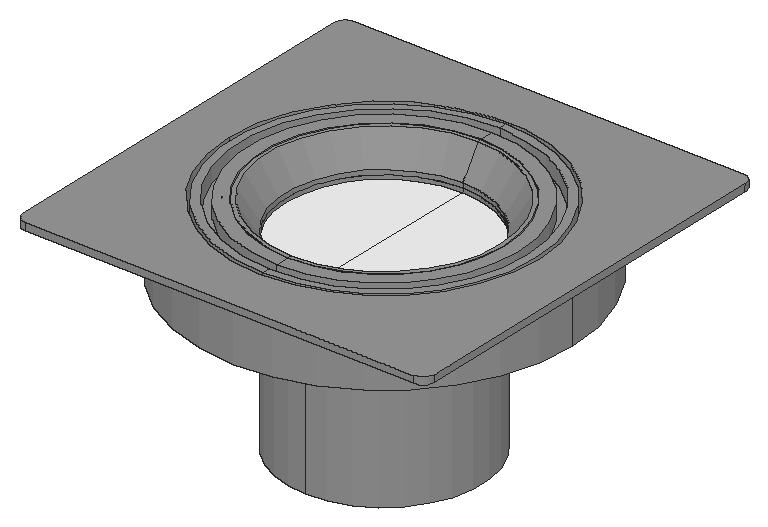
Revit family "0005338", category Lighting Fixtures, host Face, Revit 2017
Family settings
  Host = Face
  Round Connector Dimension = Use Diameter
  Part Type = Normal
  OmniClass Number = 23.80.70.00
  OmniClass Title = Lighting
  Cut with Voids When Loaded = No
  Light Source = No
  Shared = No
  Room Calculation Point = No
Parameters (values of type "0005338+0005334 Ludospot 111 Hous Rnd 180mm Cardan WHT + Ludospot 111 3550lm 940 MB")
  Weight = "n/a"
  Wattage Comments = ""
  WarrantyStartDate [instance] = "n/a"
  WarrantyGuarantorParts = "n/a"
  WarrantyDurationUnit = "n/a"
  WarrantyDurationParts = "n/a"
  WarrantyDescription = "n/a"
  Voltage = 230 V
  VerticalTiltAngle_SYL [instance] = 0.00°
  URL = "http://www.sylvania-lighting.com"
  TypeName = "Ludospot 111 Hous Rnd 180mm Cardan WHT + Ludospot 111 3550lm 940 MB"
  TypeLamp_SYL = Ludospot 111 Modules : 0005334 Ludospot 111 3550lm 940 MB
  Type Image = <None>
  Type Comments = "n/a"
  TrimHeight_SYL = 3 mm
  HorizontalTiltAngle_SYL [instance] = 0.00°
  SerialNumber [instance] = "n/a"
  RecessRadius_SYL = 82.5 mm
  RecessDepth_SYL = 100 mm
  RadiusTrim_SYL = 90 mm
  Material_3_SYL = none
  PowerFactor = 0.9
  PowerConsumption = "n/a"
  NominalLength = 180 mm
  NominalHeight = 0 mm
  NominalDepth = 180 mm
  Name = "Ludospot 111 Hous Rnd 180mm Cardan WHT + Ludospot 111 3550lm 940 MB"
  ModelReference = Name  # "Ludospot 111 Hous Rnd 180mm Cardan WHT + Ludospot 111 3550lm 940 MB"
  ModelNumber = "0005338+0005334"
  Model = Name  # "Ludospot 111 Hous Rnd 180mm Cardan WHT + Ludospot 111 3550lm 940 MB"
  Material = "aluminium housing"
  ManufacturerName = "Feilo Sylvania"
  Manufacturer = "Feilo Sylvania"
  LuminousEfficacy = "93 lm/W"
  LuminaireType = ""
  LightOutputRatio = "n/a"
  LampsType = Lamp  # "LED"
  LampNominalLuminous = "3550 lm"
  LampMacAdamStep = "3"
  LampColourTemperature = "4000 K"
  LampColourRenderingIndex = "90"
  Lamp = "LED"
  Keynote = "16500"
  InstallationDate [instance] = "n/a"
  InputVoltage = "220-240 V AC"
  InputNominalFrequency = "50/60 Hz"
  IngressProtection = "IP20"
  ImpactProtectionIndex = "IK03"
  IfcExportType = "IfcLightFixtureType"
  IfcExportAs = "IfcLightFixtureType"
  HorizontalEndAnfle_SYL [instance] = HorizontalTiltAngle_SYL + 180.00°  # 180.00°
  ElectricShockClassification = "n/a"
  DocumentationLiterature = "http://www.sylvania-lighting.com/product/en-int/products/0005338"
  DimmingControlOptions = "n/a"
  Material_2_SYL = none
  Description = ""
  Default Elevation = 1219.2 mm
  CreatedOn = "7/29/2019"
  CreatedBy = "@sylvania-lighting.com"
  Cost = 0
  built-in parameter 1114216 [instance] = (empty or 0)
  ClassificationValue = "EF_70_80"
  ClassificationName = "Uniclass2015"
  Material_1_SYL = PC/ABS Plastic
  BarCode [instance] = "n/a"
  AssetType = "Fixed"
  AssetIdentifier [instance] = "n/a"
  Assembly Code = "D5020200"
  Apparent Load = 0 VA
  Material_4_SYL = none
Types (4, lengths in mm): name | TypeName | TypeLamp_SYL | Name | ModelReference | ModelNumber | Model | LuminousEfficacy | LampNominalLuminous | LampColourTemperature
  0005338+0005334 Ludospot 111 Hous Rnd 180mm Cardan WHT + Ludospot 111 3550lm 940 MB | "Ludospot 111 Hous Rnd 180mm Cardan WHT + Ludospot 111 3550lm 940 MB" | Ludospot 111 Modules : 0005334 Ludospot 111 3550lm 940 MB | "Ludospot 111 Hous Rnd 180mm Cardan WHT + Ludospot 111 3550lm 940 MB" | "Ludospot 111 Hous Rnd 180mm Cardan WHT + Ludospot 111 3550lm 940 MB" | "0005338+0005334" | "Ludospot 111 Hous Rnd 180mm Cardan WHT + Ludospot 111 3550lm 940 MB" | "93 lm/W" | "3550 lm" | "4000 K"
  0005338+0005333 Ludospot 111 Hous Rnd 180mm Cardan WHT + Ludospot 111 3500lm 930 MB | "Ludospot 111 Hous Rnd 180mm Cardan WHT + Ludospot 111 3500lm 930 MB" | Ludospot 111 Modules : 0005333 Ludospot 111 3500lm 930 MB | "Ludospot 111 Hous Rnd 180mm Cardan WHT + Ludospot 111 3500lm 930 MB" | "Ludospot 111 Hous Rnd 180mm Cardan WHT + Ludospot 111 3500lm 930 MB" | "0005338+0005333" | "Ludospot 111 Hous Rnd 180mm Cardan WHT + Ludospot 111 3500lm 930 MB" | "92 lm/W" | "3500 lm" | "3000 K"
  0005338+0005332 Ludospot 111 Hous Rnd 180mm Cardan WHT + Ludospot 111 2225lm 940 MB | "Ludospot 111 Hous Rnd 180mm Cardan WHT + Ludospot 111 2225lm 940 MB" | Ludospot 111 Modules : 0005332 Ludospot 111 2225lm 940 MB | "Ludospot 111 Hous Rnd 180mm Cardan WHT + Ludospot 111 2225lm 940 MB" | "Ludospot 111 Hous Rnd 180mm Cardan WHT + Ludospot 111 2225lm 940 MB" | "0005338+0005332" | "Ludospot 111 Hous Rnd 180mm Cardan WHT + Ludospot 111 2225lm 940 MB" | "93 lm/W" | "2225 lm" | "4000 K"
  0005338+0005331 Ludospot 111 Hous Rnd 180mm Cardan WHT + Ludospot 111 2025lm 930 MB | "Ludospot 111 Hous Rnd 180mm Cardan WHT + Ludospot 111 2025lm 930 MB" | Ludospot 111 Modules : 0005331 Ludospot 111 2025lm 930 MB | "Ludospot 111 Hous Rnd 180mm Cardan WHT + Ludospot 111 2025lm 930 MB" | "Ludospot 111 Hous Rnd 180mm Cardan WHT + Ludospot 111 2025lm 930 MB" | "0005338+0005331" | "Ludospot 111 Hous Rnd 180mm Cardan WHT + Ludospot 111 2025lm 930 MB" | "84 lm/W" | "2025 lm" | "3000 K"
Reference planes
  plane 1 "Center (Front/Back)": y = 0
  plane 2: z = 0
  plane 3 "Center (Left/Right)": x = 0
  plane 4: x = -82.5
  plane 5: z = -100
  plane 6: x = -90
  plane 7: z = 3
  plane 8: x = -68
  plane 9: z = -25.8
  plane 10: z = -9.6
  plane 11: z = -11.6
  plane 12: x = -5
  plane 13: x = 90
  plane 14: y = 90
  plane 15: y = -90
Forms (mm)
  Revolve 1, void
    sketch origin (0, 0, 0) x (1, 0, 0) y (0, 0, 1)
      loop
        line (0, 0) -> (-82.5, 0) -> (-82.5, -100) -> (0, -100) -> (0, 0)
      axis (0, 0) -> (0, -100)
    angle from 360 to 0
  Revolve 2, solid, material "PC/ABS Plastic" <- "Material_1_SYL"
    sketch origin (0, 0, 0) x (1, 0, 0) y (0, 0, 1)
      loop
        line (-82.5, 3) -> (-82.5, -25.8) -> (-68, -25.8) -> (-68, 3) -> (-82.5, 3)
      axis (0, 3) -> (0, -25.8)
    angle from 360 to 0
  Revolve 3, solid, not visible
    sketch origin (0, 0, 0) x (1, 0, 0) y (0, 0, 1)
      loop
        line (0, 3) -> (-5, 3) -> (-5, -9.6) -> (0, -9.6) -> (0, 3)
      axis (0, 3) -> (0, -9.6)
    angle from 0 <- "HorizontalTiltAngle_SYL" to 180 <- "HorizontalEndAnfle_SYL"
  Extrusion 4, solid, material "PC/ABS Plastic" <- "Material_1_SYL"
    sketch origin (0, 0, 0) x (1, 0, 0) y (0, 1, 0)
      loop
        arc (-85, 90) -> (-88.536, 88.536) -> (-90, 85) r 5
        line (-90, 85) -> (-90, -85)
        arc (-90, -85) -> (-88.536, -88.536) -> (-85, -90) r 5
        line (-85, -90) -> (85, -90)
        arc (85, -90) -> (88.536, -88.536) -> (90, -85) r 5
        line (90, -85) -> (90, 85)
        arc (90, 85) -> (88.536, 88.536) -> (85, 90) r 5
        line (85, 90) -> (-85, 90)
      loop
        circle (0, 0) r 82.5
    from 0 to 3
Cuts and joins
  joined: Revolve 2, Extrusion 4
Dimensions and locks
  equal spacing: host sketch curve, plane 1 "Center (Front/Back)", host sketch curve
  equal spacing: host sketch curve, plane 3 "Center (Left/Right)", host sketch curve
  "RecessRadius_SYL": plane 3 "Center (Left/Right)" to plane 4
  "RecessDepth_SYL": plane 2 to plane 5
  "TrimHeight_SYL": plane 7 to plane 2
  locked: plane 3 "Center (Left/Right)" to plane 8 at 68
  locked: plane 2 to plane 9 at 25.8
  locked: plane 7 to plane 10 at 12.6
  locked: plane 10 to plane 11 at 2
  locked: plane 12 to plane 3 "Center (Left/Right)" at 5
  equal spacing: plane 6, plane 3 "Center (Left/Right)", plane 13
  locked: plane 6 to plane 13 at 180
  equal spacing: plane 15, plane 1 "Center (Front/Back)", plane 14
  locked: plane 15 to plane 14 at 180
  "RecessRadius_SYL": radius of Extrusion 4 sketch curve
  aligned and locked: plane 2 to host face
  aligned and locked: level to host face
  aligned and locked: Revolve 1 sketch curve to plane 3 "Center (Left/Right)"
  aligned and locked: host face to Revolve 1 sketch curve
  aligned and locked: plane 3 "Center (Left/Right)" to Revolve 1 sketch curve
  aligned and locked: Revolve 1 sketch curve to plane 4
  aligned and locked: plane 5 to Revolve 1 sketch curve
  aligned and locked: Revolve 2 sketch curve to plane 3 "Center (Left/Right)"
  aligned and locked: plane 3 "Center (Left/Right)" to Revolve 3 sketch curve
  aligned and locked: plane 10 to Revolve 3 sketch curve
  aligned and locked: Revolve 3 sketch curve to plane 12
  aligned and locked: Revolve 3 sketch curve to plane 3 "Center (Left/Right)"
  aligned and locked: plane 7 to Revolve 2 sketch curve
  aligned and locked: plane 4 to Revolve 2 sketch curve
  aligned and locked: Revolve 2 sketch curve to plane 9
  aligned and locked: Revolve 2 sketch curve to plane 8
  aligned and locked: plane 14 to Extrusion 4 sketch curve
  aligned and locked: plane 6 to Extrusion 4 sketch curve
  aligned and locked: Extrusion 4 sketch curve to plane 15
  aligned and locked: Extrusion 4 sketch curve to plane 13
  aligned and locked: Extrusion 4 to plane 7
  aligned and locked: Extrusion 4 to level
  aligned and locked: plane 3 "Center (Left/Right)" to Extrusion 4 sketch curve
  aligned and locked: plane 1 "Center (Front/Back)" to Extrusion 4 sketch curve
Automatic sketch dimensions
  plane 5 to Revolve 1 sketch curve = 509.6 mm
  Revolve 1 sketch curve to Revolve 1 sketch curve = 2609.058 mm
  plane 5 to Revolve 3 sketch curve = 509.6 mm
  Revolve 3 sketch curve to Revolve 3 sketch curve = 2606.058 mm
  plane 5 to Revolve 2 sketch curve = 509.6 mm
  Revolve 2 sketch curve to plane 7 = 2607.058 mm
  Revolve 3 sketch curve to plane 7 = 0 mm
  Extrusion 4 sketch curve to plane 4 = 2.5 mm  (x2)
  Extrusion 4 sketch curve to Extrusion 4 sketch curve = 5 mm
  Extrusion 4 sketch curve to plane 13 = 5 mm
Nested families
  nested 1: "0005338_verticalrotation" at (0, 0, 3) x (-1, 0, 0) z (0, -1, 0), VerticalRotation_SYL <- "VerticalTiltAngle_SYL", type "Type Name"
    with VerticalRotation_SYL 0.00°, EndAngleV_SYL 180.00°
  nested 2: "0005338_inner_ring" at (0, 0, 3) x (0, 1, 0) z (0, 0, 1), type "Type 1"
    with WarrantyStartDate "n/a", SerialNumber "n/a", InstallationDate "n/a", built-in parameter 1114216 (empty or 0), BarCode "n/a", AssetIdentifier "n/a"
  nested 3: "Ludospot 111 Modules" at (0, 0, -11.6) x (0, -1, 0) z (0, 0, 1), type <- "TypeLamp_SYL", type "0005334 Ludospot 111 3550lm 940 MB"
    with WarrantyStartDate "n/a", SerialNumber "n/a", InstallationDate "n/a", built-in parameter 1114216 (empty or 0), BarCode "n/a", AssetIdentifier "n/a"
Definition of nested family "0005338_inner_ring"
  Parameters (values of type "Type 1")
    Wattage Comments = ""
    WarrantyStartDate [instance] = "n/a"
    WarrantyGuarantorParts = "n/a"
    WarrantyDurationUnit = "n/a"
    WarrantyDurationParts = "n/a"
    WarrantyDescription = "n/a"
    URL = "http://www.sylvania-lighting.com"
    TypeName = ""
    Type Image = (empty or 0)
    Type Comments = "n/a"
    SerialNumber [instance] = "n/a"
    Material_3_SYL = none
    NominalLength = 110 mm
    NominalHeight = 0 mm
    NominalDepth = 110 mm
    Name = ""
    ModelReference = Name  # ""
    ModelNumber = ""
    Model = Name  # ""
    Material = ""
    ManufacturerName = "Feilo Sylvania"
    Manufacturer = "Feilo Sylvania"
    Lamp = "LED"
    Keynote = "16500"
    InstallationDate [instance] = "n/a"
    IfcExportType = "IfcLightFixtureType"
    IfcExportAs = "IfcLightFixtureType"
    DocumentationLiterature = ""
    Material_2_SYL = none
    Description = ""
    Default Elevation = 1219.2 mm
    CreatedOn = "7/29/2019"
    CreatedBy = "@sylvania-lighting.com"
    Cost = 0
    built-in parameter 1114216 [instance] = (empty or 0)
    ClassificationValue = "EF_70_80"
    ClassificationName = "Uniclass2015"
    Material_1_SYL = none
    BarCode [instance] = "n/a"
    AssetType = "Fixed"
    AssetIdentifier [instance] = "n/a"
    Assembly Code = "D5020200"
    Apparent Load = 0 VA
    Material_4_SYL = none
  Reference planes
    plane 1 "Center (Front/Back)": y = 0
    plane 2: z = 0
    plane 3 "Center (Left/Right)": x = 0
    plane 4: z = -100
    plane 5: z = 0
    plane 6: x = -51
    plane 7: x = -52.6
    plane 8: x = -42.8
    plane 9: z = -12.6
    plane 10: z = -14.6
    plane 11: x = -55
    plane 12: z = -2
    plane 13: x = -53
    plane 14: x = -59
    plane 15: z = -6
    plane 16: z = -16
    plane 17: z = -32
    plane 18: x = -62.5
    plane 19: x = -56
    plane 20: x = -63
    plane 21: x = -66.5
  Forms (mm)
    Extrusion 1, solid
      sketch origin (4.2, 0, 0) x (1, 0, 0) y (0, 1, 0)
        loop
          line (-44.2, 40) -> (-44.2, -40) -> (35.8, -40) -> (35.8, 40) -> (-44.2, 40)
      from 0 to -68.017
    Revolve 2, solid, material <- "Material_1_SYL"
      sketch origin (0, 0, 0) x (1, 0, 0) y (0, 0, 1)
        loop
          line (-42.8, -12.6) -> (-51, 0) -> (-52.6, 0) -> (-52.6, -2) -> (-55, -2) -> (-55, -14.6) -> (-42.8, -14.6) -> (-42.8, -12.6)
        axis (0, 0) -> (0, -14.6)
      angle from 360 to 0
    Revolve 3, solid, material <- "Material_1_SYL"
      sketch origin (0, 0, 0) x (1, 0, 0) y (0, 0, 1)
        loop
          line (-53, 0) -> (-59, 0) -> (-59, -6) -> (-62.5, -6) -> (-62.5, -16) -> (-59, -16) -> (-59, -32) -> (-56, -32) -> (-56, -2) -> (-53, -2) -> (-53, 0)
        axis (0, 0) -> (0, -32)
      angle from 360 to 0
    Revolve 4, solid, material <- "Material_1_SYL"
      sketch origin (0, 0, 0) x (1, 0, 0) y (0, 0, 1)
        loop
          line (-66.5, 0) -> (-66.5, -32) -> (-63, -32) -> (-63, 0) -> (-66.5, 0)
        axis (0, 0) -> (0, -32)
      angle from 360 to 0
  Lines and regions (mm)
    reference lines
      curve 1: line (-51, 0, 0) -> (-42.8, 0, -12.6)
  Dimensions and locks
    equal spacing: Extrusion 1 sketch curve, plane 1 "Center (Front/Back)", Extrusion 1 sketch curve
    equal spacing: Extrusion 1 sketch curve, plane 3 "Center (Left/Right)", Extrusion 1 sketch curve
    locked: plane 3 "Center (Left/Right)" to plane 6 at 51
    locked: plane 6 to plane 7 at 1.6
    locked: plane 3 "Center (Left/Right)" to plane 8 at 42.8
    locked: plane 5 to plane 9 at 12.6
    locked: plane 9 to plane 10 at 2
    locked: plane 8 to plane 11 at 12.2
    locked: plane 5 to plane 12 at 2
    locked: plane 3 "Center (Left/Right)" to plane 13 at 53
    locked: plane 3 "Center (Left/Right)" to plane 14 at 59
    plane 5 to plane 15 to plane 16 to plane 17 = 6 mm locked, 10 mm locked, 16 mm locked
    locked: plane 3 "Center (Left/Right)" to plane 18 at 62.5
    locked: plane 3 "Center (Left/Right)" to plane 19 at 56
    locked: plane 18 to plane 20 at 0.5
    locked: plane 20 to plane 21 at 3.5
    aligned and locked: plane 2 to Extrusion 1
    aligned and locked: level to Extrusion 1
    aligned and locked: plane 5 to curve 1
    aligned and locked: plane 6 to curve 1
    aligned and locked: plane 8 to curve 1
    aligned and locked: plane 9 to curve 1
    aligned and locked: Revolve 2 sketch curve to plane 3 "Center (Left/Right)"
    aligned and locked: curve 1 to Revolve 2 sketch curve
    aligned and locked: plane 10 to Revolve 2 sketch curve  (x2)
    aligned and locked: Revolve 2 sketch curve to plane 8
    aligned and locked: Revolve 2 sketch curve to curve 1
    aligned and locked: Revolve 2 sketch curve to plane 5
    aligned and locked: plane 12 to Revolve 2 sketch curve
    aligned and locked: Revolve 2 sketch curve to plane 7
    aligned and locked: Revolve 2 sketch curve to plane 12
    aligned and locked: Revolve 2 sketch curve to plane 11
    aligned and locked: Revolve 3 sketch curve to plane 3 "Center (Left/Right)"
    aligned and locked: plane 13 to Revolve 3 sketch curve  (x3)
    aligned and locked: level to Revolve 3 sketch curve
    aligned and locked: Revolve 3 sketch curve to plane 14  (x2)
    aligned and locked: plane 15 to Revolve 3 sketch curve
    aligned and locked: Revolve 3 sketch curve to plane 18
    aligned and locked: Revolve 3 sketch curve to plane 16
    aligned and locked: plane 17 to Revolve 3 sketch curve
    aligned and locked: Revolve 3 sketch curve to plane 17
    aligned and locked: plane 19 to Revolve 3 sketch curve
    aligned and locked: plane 12 to Revolve 3 sketch curve
    aligned and locked: Revolve 4 sketch curve to plane 3 "Center (Left/Right)"
    aligned and locked: plane 5 to Revolve 4 sketch curve
    aligned and locked: plane 21 to Revolve 4 sketch curve
    aligned and locked: plane 17 to Revolve 4 sketch curve
    aligned and locked: Revolve 4 sketch curve to plane 20
Definition of nested family "Ludospot 111 Modules"
  Parameters (values of type "0005331 Ludospot 111 2025lm 930 MB")
    Weight = "n/a"
    Wattage Comments = ""
    Wattage = 24 W
    WarrantyStartDate [instance] = "n/a"
    WarrantyGuarantorParts = "n/a"
    WarrantyDurationUnit = "n/a"
    WarrantyDurationParts = "n/a"
    WarrantyDescription = "n/a"
    built-in parameter 1150110 = 1 (stored number, unit not read)
    Voltage = 230 V
    URL = "http://www.sylvania-lighting.com"
    TypeName = "Ludospot 111 2025lm 930 MB"
    Type Image = (empty or 0)
    Type Comments = "n/a"
    built-in parameter 1114217 = 1 (stored number, unit not read)
    Tilt Angle = -90.00°
    built-in parameter 1150109 = 1 (stored number, unit not read)
    built-in parameter 1150134 = (empty or 0)
    built-in parameter 1150113 = 1 (stored number, unit not read)
    SlopeHeight_SYL = if(S_SYL, 30 mm, 20 mm)  # 30 mm
    SerialNumber [instance] = "n/a"
    S_SYL = yes
    RingHeight_SYL = if(S_SYL, 2.6 mm, 3.6 mm)  # 2.6 mm
    Radius_SYL = 55.5 mm
    RadiusDiff_SYL = 42.8 mm
    Radius4_SYL = if(S_SYL, 52 mm, 47.4 mm)  # 52 mm
    Radius3_SYL = 53.8 mm
    Radius2_SYL = 52.4 mm
    Photometric Web File = "0005331.ies"
    Material_3_SYL = none
    PowerFactor = 0.9
    PowerConsumption = "24 W"
    NominalLength = 111 mm
    NominalHeight = 43 mm
    NominalDepth = 111 mm
    Name = "Ludospot 111 2025lm 930 MB"
    ModelReference = Name  # "Ludospot 111 2025lm 930 MB"
    ModelNumber = "0005331"
    Model = Name  # "Ludospot 111 2025lm 930 MB"
    Material = "aluminium housing"
    ManufacturerName = "Feilo Sylvania"
    Manufacturer = "Feilo Sylvania"
    LuminousEfficacy = "84 lm/W"
    built-in parameter 1150105 = 160.43 (stored number, unit not read)
    Lumens = 2016 lm
    LuminaireType = ""
    built-in parameter 1150115 = 1 (stored number, unit not read)
    LightOutputRatio = "n/a"
    built-in parameter 1150137 = (empty or 0)
    built-in parameter 1150139 = (empty or 0)
    LampsType = Lamp  # "LED"
    LampNominalLuminous = "2025 lm"
    LampMacAdamStep = "3"
    LampColourTemperature = "3000 K"
    LampColourRenderingIndex = "90"
    built-in parameter 1150112 = 1 (stored number, unit not read)
    built-in parameter 1150114 = 1 (stored number, unit not read)
    Lamp = "LED"
    Keynote = "16500"
    InstallationDate [instance] = "n/a"
    InputVoltage = "220-240 V AC"
    InputNominalFrequency = "50/60 Hz"
    built-in parameter 1150132 = (empty or 0)
    built-in parameter 1150102 = (empty or 0)
    built-in parameter 1150107 = 3000 (stored number, unit not read)
    built-in parameter 1150138 = (empty or 0)
    IngressProtection = "IP20"
    ImpactProtectionIndex = "IK03"
    built-in parameter 1150106 = 1.6043 (stored number, unit not read)
    IfcExportType = "IfcLightFixtureType"
    IfcExportAs = "IfcLightFixtureType"
    Height_SYL = if(S_SYL, 42.6 mm, 82.5 mm)  # 42.6 mm
    Emit from Circle Diameter = RadiusDiff_SYL * 2  # 85.6 mm
    Emit Shape Visible in Rendering = no
    ElectricShockClassification = "Class II"
    built-in parameter 1150104 = 7.8039 (stored number, unit not read)
    DocumentationLiterature = "http://www.sylvania-lighting.com/product/en-int/products/0005331"
    DimmingControlOptions = "n/a"
    Material_2_SYL = none
    Dimming Lamp Color Temperature Shift = (empty or 0)
    Description = ""
    Default Elevation = 1219.2 mm
    CreatedOn = "7/29/2019"
    CreatedBy = "@sylvania-lighting.com"
    Cost = 0
    Color Filter = 16777215
    built-in parameter 1114216 [instance] = (empty or 0)
    ClassificationValue = "EF_70_80"
    ClassificationName = "Uniclass2015"
    Material_1_SYL = none
    BarCode [instance] = "n/a"
    built-in parameter 1114218 = 1 (stored number, unit not read)
    built-in parameter 1150133 = 10 (stored number, unit not read)
    AssetType = "Fixed"
    AssetIdentifier [instance] = "n/a"
    Assembly Code = "D5020200"
    Apparent Load = 24 VA
    Material_4_SYL = none
  Types (4, lengths in mm): name | Wattage | TypeName | built-in parameter 1150134 | SlopeHeight_SYL | S_SYL | RingHeight_SYL | Radius4_SYL | Photometric Web File | PowerConsumption | NominalHeight | Name | ModelReference | ModelNumber | Model | LuminousEfficacy | built-in parameter 1150105 | Lumens | LampNominalLuminous | LampColourTemperature | built-in parameter 1150107 | built-in parameter 1150106 | Height_SYL | built-in parameter 1150104 | DocumentationLiterature | Apparent Load
    0005334 Ludospot 111 3550lm 940 MB | 38 W | "Ludospot 111 3550lm 940 MB" | 12 | 20 | no | 3.6 | 47.4 | "0005334.ies" | "38 W" | 80 | "Ludospot 111 3550lm 940 MB" | "Ludospot 111 3550lm 940 MB" | "0005334" | "Ludospot 111 3550lm 940 MB" | "93 lm/W" | 281.23 (stored number, unit not read) | 3534 lm | "3550 lm" | "4000 K" | 4000 (stored number, unit not read) | 2.8123 (stored number, unit not read) | 82.5 | 8.64 (stored number, unit not read) | "http://www.sylvania-lighting.com/product/en-int/products/0005334" | 38 VA
    0005333 Ludospot 111 3500lm 930 MB | 38 W | "Ludospot 111 3500lm 930 MB" | (empty or 0) | 20 | no | 3.6 | 47.4 | "0005333.ies" | "38 W" | 80 | "Ludospot 111 3500lm 930 MB" | "Ludospot 111 3500lm 930 MB" | "0005333" | "Ludospot 111 3500lm 930 MB" | "92 lm/W" | 278.2 (stored number, unit not read) | 3496 lm | "3500 lm" | "3000 K" | 3000 (stored number, unit not read) | 2.782 (stored number, unit not read) | 82.5 | 8.5471 (stored number, unit not read) | "http://www.sylvania-lighting.com/product/en-int/products/0005333" | 38 VA
    0005332 Ludospot 111 2225lm 940 MB | 24 W | "Ludospot 111 2225lm 940 MB" | 12 | 30 | yes | 2.6 | 52 | "0005332.ies" | "24 W" | 43 | "Ludospot 111 2225lm 940 MB" | "Ludospot 111 2225lm 940 MB" | "0005332" | "Ludospot 111 2225lm 940 MB" | "93 lm/W" | 177.62 (stored number, unit not read) | 2232 lm | "2225 lm" | "4000 K" | 4000 (stored number, unit not read) | 1.7762 (stored number, unit not read) | 42.6 | 8.64 (stored number, unit not read) | "http://www.sylvania-lighting.com/product/en-int/products/0005332" | 24 VA
    0005331 Ludospot 111 2025lm 930 MB | 24 W | "Ludospot 111 2025lm 930 MB" | (empty or 0) | 30 | yes | 2.6 | 52 | "0005331.ies" | "24 W" | 43 | "Ludospot 111 2025lm 930 MB" | "Ludospot 111 2025lm 930 MB" | "0005331" | "Ludospot 111 2025lm 930 MB" | "84 lm/W" | 160.43 (stored number, unit not read) | 2016 lm | "2025 lm" | "3000 K" | 3000 (stored number, unit not read) | 1.6043 (stored number, unit not read) | 42.6 | 7.8039 (stored number, unit not read) | "http://www.sylvania-lighting.com/product/en-int/products/0005331" | 24 VA
  Reference planes
    plane 1 "Center (Front/Back)": y = 0
    plane 2: z = 0
    plane 3 "Center (Left/Right)": x = 0
    plane 4: x = -55.5
    plane 5: z = -4.35
    plane 6: x = -52.4
    plane 7: z = -9.75
    plane 8: x = -42.8
    plane 9: z = -1.75
    plane 10: x = -53.8
    plane 11: x = -52
    plane 12: z = -39.75
    plane 13: z = 40.75
    plane 14: z = -42.6
  Forms (mm)
    Extrusion 1, solid
      sketch origin (1119.2, -1119.2, 0) x (1, 0, 0) y (0, 1, 0)
        loop
          line (-1219.2, 1219.2) -> (-1219.2, 1019.2) -> (-1019.2, 1019.2) -> (-1019.2, 1219.2) -> (-1219.2, 1219.2)
      from 0 to -10
    Revolve 2, solid, material <- "Material_1_SYL"
      sketch origin (0, 0, 0) x (1, 0, 0) y (0, 0, 1)
        loop
          line (0, -1.75) -> (-42.8, -1.75) -> (-42.8, 0) -> (-52.4, 0) -> (-52.4, -1.75) -> (-55.5, -1.75) -> (-55.5, -4.35) -> (-53.8, -4.35) -> (-53.8, -9.75) -> (-52, -9.75) -> (-42.8, -39.75) -> (-42.8, -42.6) -> (0, -42.6) -> (0, -1.75)
        axis (0, 0) -> (0, -42.6)
      angle from 360 to 0
  Dimensions and locks
    "Radius_SYL": plane 3 "Center (Left/Right)" to plane 4
    "Radius2_SYL": plane 3 "Center (Left/Right)" to plane 6
    "RadiusDiff_SYL": plane 3 "Center (Left/Right)" to plane 8
    locked: plane 2 to plane 9 at 1.75
    "RingHeight_SYL": plane 9 to plane 5
    locked: plane 5 to plane 7 at 5.4
    "Radius3_SYL": plane 3 "Center (Left/Right)" to plane 10
    "Radius4_SYL": plane 3 "Center (Left/Right)" to plane 11
    "SlopeHeight_SYL": plane 7 to plane 12
    "Height_SYL": level to plane 14
    aligned and locked: plane 2 to Extrusion 1
    aligned and locked: level to Extrusion 1
    aligned and locked: plane 3 "Center (Left/Right)" to imposter light
    aligned and locked: imposter light to plane 1 "Center (Front/Back)"
    aligned and locked: Revolve 2 sketch curve to plane 9  (x2)
    aligned and locked: plane 8 to Revolve 2 sketch curve
    aligned and locked: level to Revolve 2 sketch curve
    aligned and locked: Revolve 2 sketch curve to plane 6
    aligned and locked: Revolve 2 sketch curve to plane 4
    aligned and locked: plane 5 to Revolve 2 sketch curve
    aligned and locked: plane 7 to Revolve 2 sketch curve
    aligned and locked: plane 10 to Revolve 2 sketch curve
    aligned and locked: plane 12 to Revolve 2 sketch curve
    aligned and locked: Revolve 2 sketch curve to plane 8
    aligned and locked: plane 14 to Revolve 2 sketch curve
    aligned and locked: plane 3 "Center (Left/Right)" to Revolve 2 sketch curve
    aligned and locked: Revolve 2 sketch curve to plane 3 "Center (Left/Right)"
    aligned and locked: imposter light to plane 9
  Automatic sketch dimensions
    Extrusion 1 sketch curve to Extrusion 1 sketch curve = 200 mm  (x2)
    plane 11 to Revolve 2 sketch curve = 0 mm
    plane 14 to Revolve 2 sketch curve = 527.1 mm
    Revolve 2 sketch curve to plane 13 = 2568.308 mm
Definition of nested family "0005338_verticalrotation"
  Parameters (values of type "Type Name")
    VerticalRotation_SYL [instance] = -180.00°
    URL = "http://www.sylvania-lighting.com"
    Type Image = (empty or 0)
    Type Comments = "n/a"
    Material_3_SYL = none
    Model = ""
    Manufacturer = "Feilo Sylvania"
    Keynote = ""
    Material_2_SYL = none
    EndAngleV_SYL [instance] = VerticalRotation_SYL + 180.00°  # 0.00°
    Description = ""
    Default Elevation = 1219.2 mm
    Cost = 0
    Material_1_SYL = none
    Assembly Code = ""
    Material_4_SYL = none
  Reference planes
    plane 1 "Center (Front/Back)": y = 0
    plane 2: z = 0
    plane 3 "Center (Left/Right)": x = 0
    plane 4: x = -10
    plane 5: z = 10
    plane 6: z = -10
  Forms (mm)
    Extrusion 1, solid
      sketch origin (1119.2, -1119.2, 0) x (1, 0, 0) y (0, 1, 0)
        loop
          line (-1219.2, 1219.2) -> (-1219.2, 1019.2) -> (-1019.2, 1019.2) -> (-1019.2, 1219.2) -> (-1219.2, 1219.2)
      from 0 to -68.017
    Revolve 2, solid, not visible
      sketch origin (0, 0, 0) x (1, 0, 0) y (0, 0, 1)
        loop
          line (0, 10) -> (-10, 10) -> (-10, -10) -> (0, -10) -> (0, 10)
        axis (0, 10) -> (0, -10)
      angle from -180 <- "VerticalRotation_SYL" to 0 <- "EndAngleV_SYL"
  Dimensions and locks
    locked: plane 3 "Center (Left/Right)" to plane 4 at 10
    plane 5 to level to plane 6 = 10 mm locked, 10 mm locked
    aligned and locked: plane 2 to Extrusion 1
    aligned and locked: level to Extrusion 1
    aligned and locked: plane 5 to Revolve 2 sketch curve
    aligned and locked: plane 3 "Center (Left/Right)" to Revolve 2 sketch curve
    aligned and locked: Revolve 2 sketch curve to plane 6
    aligned and locked: Revolve 2 sketch curve to plane 4
    aligned and locked: Revolve 2 sketch curve to plane 3 "Center (Left/Right)"
